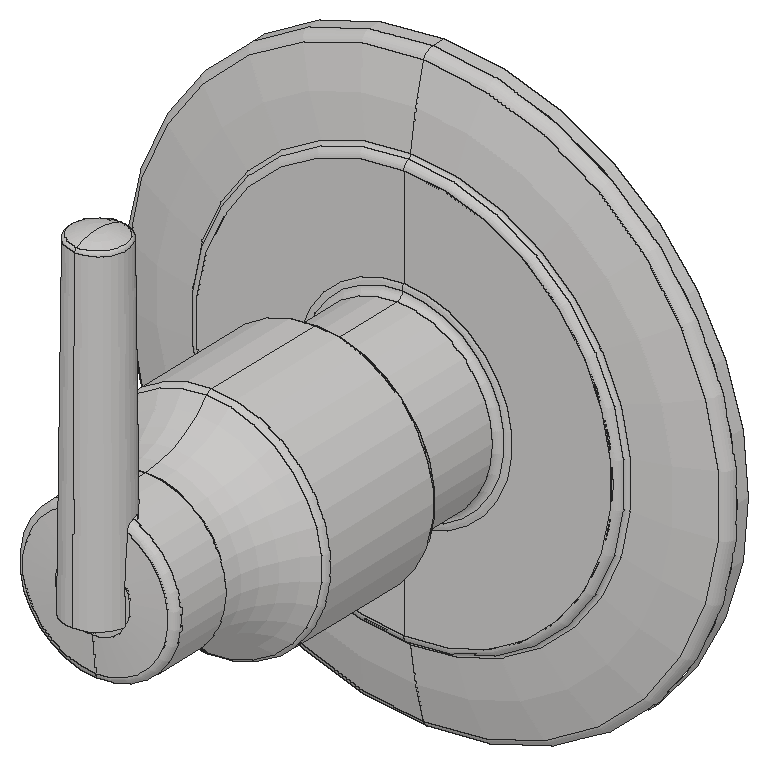
Revit family "Delta Bath Trinsic 11959", category Plumbing Fixtures, host Wall, Revit 2013
Parameters (values of type "Delta Bath Trinsic 11959")
  URL = "http://www.deltafaucet.com "
  Tap = Stainless Steel
  Model = "11959"
  Manufacturer = "Delta"
  Depth = 0' - 3 31/128"
Reference planes (in)
  plane 1: y = 0
  plane 2 "Center (Left/Right)": x = 0
  plane 3 "Wall Edge": y = 3
  plane 4: y = -3
Forms (in)
  Revolve 1, solid, material "Stainless Steel" <- "Tap", not visible
    sketch origin (0, 0.78942, -38.06696) x (0, 1, 0) y (0, 0, 1)
      loop
        arc (-4.09142, 69.69252) -> (-4.09836, 69.67515) -> (-4.11423, 69.66527) r 0.03
        arc (-4.11423, 69.66527) -> (-4.1468, 69.6445) -> (-4.15996, 69.60818) r 0.06
        line (-4.15996, 69.60818) -> (-4.15996, 68.06699) -> (-3.78942, 68.06699) -> (-3.78942, 70.31698) -> (-3.88771, 70.31699)
        arc (-3.88771, 70.31699) -> (-3.93919, 70.30081) -> (-3.97217, 70.25809) r 0.09
        arc (-3.97217, 70.25809) -> (-4.05233, 69.97964) -> (-4.09142, 69.69252) r 2
      axis (-4.15996, 68.06699) -> (-3.78942, 68.06699)
    angle from 0 to 360
  Revolve 2, solid, material "Stainless Steel" <- "Tap", not visible
    sketch origin (0, 0, -38.06696) x (0, 1, 0) y (0, 0, 1)
      loop
        line (-4.17, 68.76699) -> (-4.17, 68.06699) -> (-3.37054, 68.06699) -> (-3.37054, 68.86469)
        arc (-3.37054, 68.86469) -> (-3.37761, 68.8413) -> (-3.38, 68.81699) r 0.125
        arc (-3.38, 68.81699) -> (-3.39464, 68.78163) -> (-3.43, 68.76699) r 0.05
        line (-3.43, 68.76699) -> (-4.17, 68.76699)
      axis (-4.17, 68.06699) -> (-3.37054, 68.06699)
    angle from 0 to 360
  Revolve 3, solid, material "Stainless Steel" <- "Tap", not visible
    sketch origin (0, 0, -38.06696) x (0, 1, 0) y (0, 0, 1)
      loop
        line (-4.17, 68.06699) -> (-5.75379, 68.06699) -> (-5.75379, 67.47699)
        arc (-5.75379, 67.47699) -> (-5.44138, 67.40785) -> (-5.18731, 67.21335) r 0.74042
        arc (-5.18731, 67.21335) -> (-5.16673, 67.19759) -> (-5.14141, 67.19199) r 0.06
        line (-5.14141, 67.19199) -> (-4.185, 67.19199)
        arc (-4.185, 67.19199) -> (-4.17113, 67.20426) -> (-4.17, 67.22274) r 0.0242
        line (-4.17, 67.22274) -> (-4.17, 68.06699)
      axis (-5.75379, 68.06699) -> (-4.17, 68.06699)
    angle from 0 to 360
  Revolve 4, solid, material "Stainless Steel" <- "Tap", not visible
    sketch origin (0, 0, -38.06696) x (0, 1, 0) y (0, 0, 1)
      loop
        line (-6.195, 70.46699) -> (-6.195, 67.92526) -> (-5.95599, 67.92526) -> (-5.9823, 70.39822)
        arc (-5.9823, 70.39822) -> (-5.9872, 70.41434) -> (-6.00002, 70.42528) r 0.03
        arc (-6.00002, 70.42528) -> (-6.09531, 70.45644) -> (-6.195, 70.46699) r 0.47656
      axis (-6.195, 70.46699) -> (-6.195, 67.92526)
    angle from 0 to 360
  Revolve 5, solid, material "Stainless Steel" <- "Tap", not visible
    sketch origin (0, 0, -38.06696) x (0, 1, 0) y (0, 0, 1)
      loop
        line (-6.16043, 67.47699) -> (-5.75379, 67.47699) -> (-5.75379, 68.06699) -> (-6.24221, 68.06699) -> (-6.24221, 67.79286) -> (-6.22006, 67.53031)
        arc (-6.22006, 67.53031) -> (-6.20043, 67.49226) -> (-6.16043, 67.47699) r 0.06
      axis (-6.24221, 68.06699) -> (-5.75379, 68.06699)
    angle from 0 to 360
  Revolve 6, solid, material "Stainless Steel" <- "Tap"
    sketch origin (0, 0.78942, -39.81696) x (0, 1, 0) y (0, 0, 1)
      loop
        arc (-4.09142, 69.69252) -> (-4.09836, 69.67515) -> (-4.11423, 69.66527) r 0.03
        arc (-4.11423, 69.66527) -> (-4.1468, 69.6445) -> (-4.15996, 69.60818) r 0.06
        line (-4.15996, 69.60818) -> (-4.15996, 68.06699) -> (-3.78942, 68.06699) -> (-3.78942, 70.31698) -> (-3.88771, 70.31699)
        arc (-3.88771, 70.31699) -> (-3.93919, 70.30081) -> (-3.97217, 70.25809) r 0.09
        arc (-3.97217, 70.25809) -> (-4.05233, 69.97964) -> (-4.09142, 69.69252) r 2
      axis (-4.15996, 68.06699) -> (-3.78942, 68.06699)
    angle from 0 to 360
  Revolve 7, solid, material "Stainless Steel" <- "Tap"
    sketch origin (0, 0, -39.81696) x (0, 1, 0) y (0, 0, 1)
      loop
        line (-4.17, 68.76699) -> (-4.17, 68.06699) -> (-3.37054, 68.06699) -> (-3.37054, 68.86469)
        arc (-3.37054, 68.86469) -> (-3.37761, 68.8413) -> (-3.38, 68.81699) r 0.125
        arc (-3.38, 68.81699) -> (-3.39464, 68.78163) -> (-3.43, 68.76699) r 0.05
        line (-3.43, 68.76699) -> (-4.17, 68.76699)
      axis (-4.17, 68.06699) -> (-3.37054, 68.06699)
    angle from 0 to 360
  Revolve 8, solid, material "Stainless Steel" <- "Tap"
    sketch origin (0, 0, -39.81696) x (0, 1, 0) y (0, 0, 1)
      loop
        line (-4.17, 68.06699) -> (-5.75379, 68.06699) -> (-5.75379, 67.47699)
        arc (-5.75379, 67.47699) -> (-5.44138, 67.40785) -> (-5.18731, 67.21335) r 0.74042
        arc (-5.18731, 67.21335) -> (-5.16673, 67.19759) -> (-5.14141, 67.19199) r 0.06
        line (-5.14141, 67.19199) -> (-4.185, 67.19199)
        arc (-4.185, 67.19199) -> (-4.17113, 67.20426) -> (-4.17, 67.22274) r 0.0242
        line (-4.17, 67.22274) -> (-4.17, 68.06699)
      axis (-5.75379, 68.06699) -> (-4.17, 68.06699)
    angle from 0 to 360
  Revolve 9, solid, material "Stainless Steel" <- "Tap"
    sketch origin (0, 0, -39.81696) x (0, 1, 0) y (0, 0, 1)
      loop
        line (-6.195, 70.46699) -> (-6.195, 67.92526) -> (-5.95599, 67.92526) -> (-5.9823, 70.39822)
        arc (-5.9823, 70.39822) -> (-5.9872, 70.41434) -> (-6.00002, 70.42528) r 0.03
        arc (-6.00002, 70.42528) -> (-6.09531, 70.45644) -> (-6.195, 70.46699) r 0.47656
      axis (-6.195, 70.46699) -> (-6.195, 67.92526)
    angle from 0 to 360
  Revolve 10, solid, material "Stainless Steel" <- "Tap"
    sketch origin (0, 0, -39.81696) x (0, 1, 0) y (0, 0, 1)
      loop
        line (-6.16043, 67.47699) -> (-5.75379, 67.47699) -> (-5.75379, 68.06699) -> (-6.24221, 68.06699) -> (-6.24221, 67.79286) -> (-6.22006, 67.53031)
        arc (-6.22006, 67.53031) -> (-6.20043, 67.49226) -> (-6.16043, 67.47699) r 0.06
      axis (-6.24221, 68.06699) -> (-5.75379, 68.06699)
    angle from 0 to 360
Text (in)
  text "Placement Side" at (0, 40.15149, 123.01588), in view "Right"
  text "Placement Side" at (-70.3804, 28.46503, 0), in view "Ref. Level"
  text "Placement Side" at (0, 81.62555, 140.59947), in view "Left"
Dimensions and locks (in)
  locked: plane 3 "Wall Edge" to host wall
  aligned and locked: plane 4 to Revolve 6
  aligned and locked: plane 4 to host wall  (x2)
Connectors (in)
  piping at (0, -3.37054, 28.25003)
    settings: on Revolve 6, index 1, connector radius 12", flow factor 0, pipe flow 0 GPM, pressure drop 0.00 psi, fitting loss kfactor 0, connector angle 0.00°, fixture units 0, engagement length 0' - 0", flow configuration 0, flow direction 0, fitting loss method 0, system type 19, joint type 0, gender type 0, connector reference index -1, connector utility 0, adjustable connector no, is connector primary yes, fitting loss table "", connector description ""
